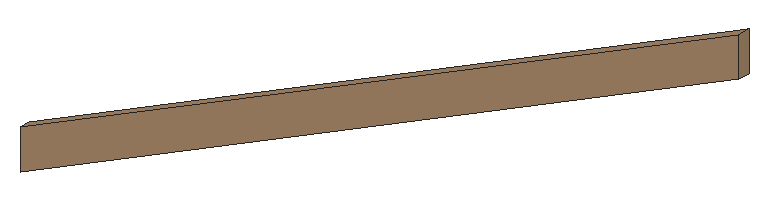
Revit family "EFPlate", category Structural Framing, Revit 2021
Family settings
  Section Shape = Not Defined
  Material for Model Behavior = Other
  Always export as geometry = No
  OmniClass Number = 23.25.30.21.14
  OmniClass Title = Trussed Beams and Joists
  Work Plane-Based = No
  Always vertical = Yes
  Cut with Voids When Loaded = No
  Symbolic Representation = From Family
  Shared = No
  Show family pre-cut in plan views = Yes
Parameters
  b = 50 mm
  Structural Material [instance] = Cherry
  Span [instance] = 3000 mm
  Slope [instance] = 25.00°
  d = 150 mm
Reference planes
  plane 1 "Center (Front/Back)": y = 0
  plane 2: z = 0
  plane 3 "Center (Left/Right)": x = 0
  plane 4: x = 1500
  plane 5: x = -1500
Forms (mm)
  Extrusion 1, solid, material "Cherry"
    sketch origin (0, 0, 0) x (1, 0, 0) y (0, 0, 1)
      loop
        line (-1500, -699.461) -> (-1500, -864.968) -> (1500, 533.955) -> (1500, 699.461) -> (-1500, -699.461)
    from -25 to 25
Lines and regions (mm)
  reference lines
    curve 1: line (0, 0, 0) -> (888.182, 0, 414.166)
    curve 2: line (155.563, 0, -92.966) -> (1043.745, 0, 321.2)
    curve 3: line (0, 25, 1265.697) -> (0, 25, -1134.303)
    curve 4: line (0, -25, 1265.697) -> (0, -25, -1134.303)
Dimensions and locks
  equal spacing: plane 5, plane 3 "Center (Left/Right)", plane 4
  "Span": plane 5 to plane 4
  "d": curve 1 to curve 2
  equal spacing: curve 3, plane 1 "Center (Front/Back)", curve 4
  "b": curve 3 to curve 4
  "Slope": angle curve 1 to level
  aligned and locked: plane 2 to level
  aligned and locked: Extrusion 1 sketch curve to curve 1
  aligned and locked: Extrusion 1 sketch curve to curve 2
  aligned and locked: plane 4 to Extrusion 1 sketch curve
  aligned and locked: plane 5 to Extrusion 1 sketch curve
  aligned and locked: curve 3 to Extrusion 1
  aligned and locked: Extrusion 1 to curve 4
Automatic sketch dimensions
  plane 3 "Center (Left/Right)" to curve 2 = 155.563 mm
  curve 1 to curve 2 = 155.563 mm
  curve 1 to plane 3 "Center (Left/Right)" = 0 mm
  curve 1 to level = 0 mm
  curve 3 to level = 1134.303 mm
  curve 4 to curve 3 = 0 mm  (x2)
  level to curve 4 = 1265.697 mm
